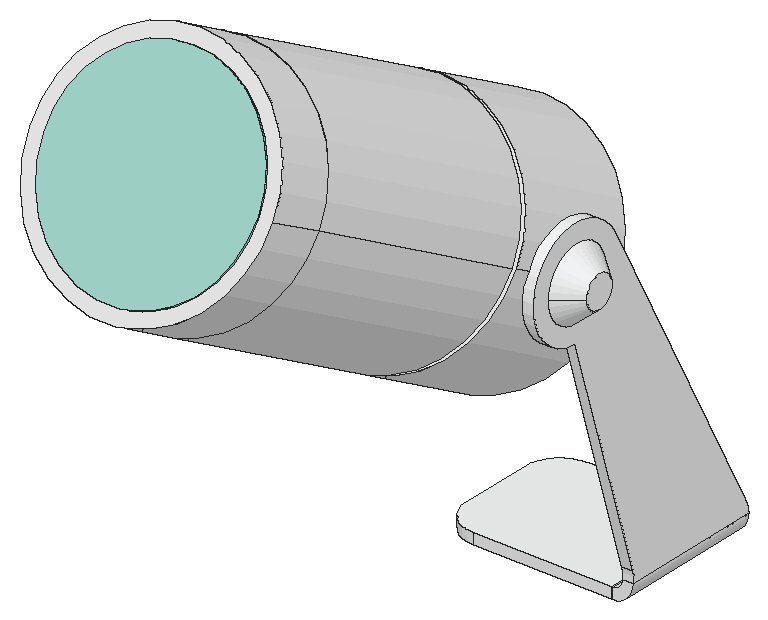
Revit family "Ginko 1.4", category Lighting Fixtures, Revit 2017
Family settings
  Round Connector Dimension = Use Diameter
  Part Type = Normal
  OmniClass Number = 23.80.70.00
  OmniClass Title = Lighting
  Work Plane-Based = Yes
  Always vertical = No
  Cut with Voids When Loaded = No
  Light Source = No
  Shared = No
  Room Calculation Point = No
Parameters (values of type "Ginko 1.4_R1 zoom 28° (3000K 3.5W 24Vdc)")
  X1 = 100 mm
  Wiring = "-"
  Width mm = 34 mm
  Weight kg = "0.19"
  Voltage = 24 V
  Vertical rotation max = 190.00°
  Vertical Rotation max_1 [instance] = 50.00°
  Vertical Rotation Adjusted [instance] = if(Vertical Rotation 2 < Vertical Rotation min, Vertical Rotation min, if(Vertical Rotation 2 > Vertical Rotation max_1, Vertical Rotation max_1, Vertical Rotation 2))  # -60.00°
  Vertical Rotation 2 [instance] = Vertical Rotation - 90.00°  # -60.00°
  Vertical Rotation min [instance] = -140.00°
  URL Accessories and power supply units = "https://www.lucelight.it/en/prodotto.php/106742#a-scheda-accessori"
  URL = "https://www.lucelight.it/en/prodotto.php/106742"
  Top = L&L_White
  URL Technical sheet = "https://www.lucelight.it/media/prodotti/st/ST_GINKO_14.pdf"
  URL Image = "https://www.lucelight.it/media/prodotti/foto/ginko_1.4_still.jpg"
  URL IES Photometric file = "https://www.lucelight.it/media/prodotti/fotometrie/ginko_1.4_ies.zip"
  URL General code = "https://www.lucelight.it/en/prodotto.php/106742#a-generacodice"
  URL Description = "https://www.lucelight.it/en/capitolato.php/106742"
  URL DXF = "https://www.lucelight.it/media/prodotti/dxf/ginko_1.4.dxf"
  URL Catalogue = "https://www.lucelight.it/media/prodotti/brochure/ginko_brochure_en.pdf"
  Power supply unit = "not included"
  Power supply = "24Vdc"
  Power cables = "includes 1,5 m neoprene cable, H05RN-F 2x0,75/0,75 Ø6,3 mm"
  Power = "3.5W"
  Optics = "28°"
  No. and type of led = "1 power LED, 1/4 ANSI BIN; 50000h L90 B10 (Ta 25°)"
  Model = "Ginko 1.4"
  Manufacturer = "L&L Luce&Light"
  Light Source = Light Source_1.4 : R1 zoom 28°
  Geometry = Ginko1.4_mod : Ginko_1.4
  Notes = "-"
  Mounting = "surface mounted (ceiling, wall, ground, spike)"
  Middle = L&L_White
  Material = "body in anticorodal aluminium, AISI 316L stainless steel bracket, screen in tempered, transparent extra-clear glass"
  Lumen output at source = "224 lm (3000K, CRI 80); 196 lm (3000K, CRI 90)"
  Description = "Outdoor projectors"
  Base = L&L_White
  Lens = L&L_Lens
  Length mm = 69 mm
  LED Colour = "3000K (also available: 2700K and 4000K - ref. URL Technical sheet)"
  IP = "66"
  Height mm = 114 mm
  H1 = 45 mm
  Vertical Rotation [instance] = 30.00°
  Features = "-"
  Energy efficiency class = "A A+ A++"
  Delivered lumen output = "42 lm (3000K, 28°, CRI 80); 37 lm (3000K, 28°, CRI 90)"
  Default Elevation = 1219.2 mm
  Cutout dimensions = "-"
  Control system = "-"
  Contact = "T: +39 0444 360571; E: lucelight@lucelight.it"
  Company = "L&L Luce&Light"
  Code = "GN1401 R1 E White; GN1401 R1 N Black anodized; GN1401 R1 F Grey; GN1401 R1 H Anthracite; GN1401 R1 T Cor-ten; GN1401 R1 5 Jasper green"
  CRI = "90 (also available: CRI 80 - ref. URL Technical sheet)"
  Base bracket = Ginko1.0_Base bracket : Ginko1.0_Base bracket
  Bracket = L&L_Stainless steel
  Apparent Load Phase 1 = 3.5 W
Types (2, lengths in mm): name | Optics | Light Source | LED Colour
  Ginko 1.4_R1 zoom 8° (3000K 3.5W 24Vdc) | "8°" | Light Source_1.4 : R1 zoom 8° | "3000K (also available: 2700K and 4000K - ref. URL Technical sheet)"
  Ginko 1.4_R1 zoom 28° (3000K 3.5W 24Vdc) | "28°" | Light Source_1.4 : R1 zoom 28° | "3000K (also available: 2700K and 4000K - ref. URL Technical sheet)"
Reference planes
  plane 1 "Light Source Axis (F/B)": y = 0
  plane 2: z = 0
  plane 3 "Light Source Axis (L/R)": x = 0
  plane 4 "Light Source Elevation": z = 45
  plane 5: y = 100
Lines and regions (mm)
  reference lines
    curve 1: line (0, 100, 45) -> (0, 151.962, 15)
Dimensions and locks
  "X1": plane 1 "Light Source Axis (F/B)" to plane 5
  "H1": level to plane 4 "Light Source Elevation"
  "Vertical Rotation Adjusted": angle plane 1 "Light Source Axis (F/B)" to curve 1
  aligned and locked: level to plane 2
  aligned and locked: plane 5 to curve 1
  aligned and locked: plane 4 "Light Source Elevation" to curve 1
Nested families
  nested 1: "Ginko1.0_Base bracket" at (0, 100, 0), type <- "Base bracket", type "Ginko1.0_Base bracket"
  nested 2: "Ginko1.4_mod" at (0, 108.66, 40) x (1, 0, 0) z (0, -0.866, 0.5), type <- "Geometry", type "Ginko_1.4"
  nested 3: "Light Source_1.4" at (-0.004, 48.352, 73.743) x (0, 0.5, 0.866) z (0, -0.866, 0.5), type <- "Light Source", type "R1 zoom 28°"
Connectors
  electrical at (0, 100, 0), driven by "Voltage", driven by "Apparent Load Phase 1"
    settings: index 1, voltage 24 V, apparent load 0 VA, apparent load phase1 3.5 VA, apparent load phase2 0 VA, apparent load phase3 0 VA, power factor 1, load classification "Lighting", number of poles 1, system type 31, power factor state 1, is connector primary yes, connector utility no, sub classification motor no, connector description ""
Definition of nested family "Ginko1.0_Base bracket"
  Parameters (values of type "Ginko1.0_Base bracket")
    Base Braket = none
  Reference planes
    plane 1 "Light Source Axis (F/B)": y = 0
    plane 2: z = 0
    plane 3 "Light Source Axis (L/R)": x = 0
    plane 4 "Light Source Elevation": z = 1500
  Forms (mm)
    Extrusion 1, solid, material <- "Base Braket", detail levels coarse
      sketch origin (18.45, -94.39, 0) x (0, 1, 0) y (0, 0, -1)
        loop
          line (111.755, 0) -> (86.295, -48.487) -> (98.945, -48.487) -> (124.405, 0) -> (111.755, 0)
      from 0 to 27.3
    Extrusion 2, solid, material <- "Base Braket", detail levels medium
      sketch origin (0.95, 93.088, 0) x (1, 0, 0) y (0, 1, 0)
        loop
          line (14.5, -83.088) -> (14.5, -63.088) -> (-4.75, -63.088)
          arc (-4.75, -63.088) -> (-8.286, -64.552) -> (-9.75, -68.088) r 5
          line (-9.75, -68.088) -> (-9.75, -78.088)
          arc (-9.75, -78.088) -> (-8.286, -81.623) -> (-4.75, -83.088) r 5
          line (-4.75, -83.088) -> (14.5, -83.088)
      from 0 to 1.5
    Extrusion 3, solid, material <- "Base Braket", detail levels fine
      sketch origin (18.45, 237.948, -311.65) x (0, -1, 0) y (0, 0, 1)
        loop
          line (207.933, 314.65) -> (227.934, 314.65)
          arc (227.934, 314.65) -> (227.966, 315.517) -> (228.146, 316.365) r 5
          line (228.146, 316.365) -> (238.171, 349.154)
          arc (238.171, 349.154) -> (244.619, 360.124) -> (231.937, 361.162) r 7.512
          arc (231.937, 361.162) -> (231.592, 360.663) -> (231.288, 360.137) r 7.5
          line (231.288, 360.137) -> (208.501, 316.742)
          arc (208.501, 316.742) -> (208.102, 315.727) -> (207.933, 314.65) r 5
      from 0 to 1.5
    Extrusion 4, solid, material <- "Base Braket", detail levels medium
      sketch origin (-54.832, 30, -122.348) x (1, 0, 0) y (0, 0, 1)
        loop
          line (73.282, 125.348) -> (71.782, 125.348)
          arc (71.782, 125.348) -> (71.343, 124.287) -> (70.282, 123.848) r 1.5
          line (70.282, 123.848) -> (70.282, 122.348)
          arc (70.282, 122.348) -> (72.403, 123.227) -> (73.282, 125.348) r 3
      from 0 to 20
    Extrusion 5, solid, material <- "Base Braket", detail levels fine
      sketch origin (0.95, 93.088, 0) x (1, 0, 0) y (0, 1, 0)
        loop
          line (14.5, -83.088) -> (14.5, -63.088) -> (-4.75, -63.088)
          arc (-4.75, -63.088) -> (-8.286, -64.552) -> (-9.75, -68.088) r 5
          line (-9.75, -68.088) -> (-9.75, -78.088)
          arc (-9.75, -78.088) -> (-8.286, -81.623) -> (-4.75, -83.088) r 5
          line (-4.75, -83.088) -> (14.5, -83.088)
      from 0 to 1.5
    Extrusion 6, solid, material <- "Base Braket", detail levels medium
      sketch origin (18.45, 237.948, -311.65) x (0, -1, 0) y (0, 0, 1)
        loop
          line (207.933, 314.65) -> (227.934, 314.65)
          arc (227.934, 314.65) -> (227.966, 315.517) -> (228.146, 316.365) r 5
          line (228.146, 316.365) -> (238.171, 349.154)
          arc (238.171, 349.154) -> (244.583, 360.107) -> (231.935, 361.159) r 7.5
          arc (231.935, 361.159) -> (231.591, 360.661) -> (231.288, 360.137) r 7.5
          line (231.288, 360.137) -> (208.501, 316.742)
          arc (208.501, 316.742) -> (208.102, 315.727) -> (207.933, 314.65) r 5
      from 0 to 1.5
    Extrusion 7, solid, material <- "Base Braket", detail levels fine
      sketch origin (-54.832, 30, -122.348) x (1, 0, 0) y (0, 0, 1)
        loop
          line (73.282, 125.348) -> (71.782, 125.348)
          arc (71.782, 125.348) -> (71.343, 124.287) -> (70.282, 123.848) r 1.5
          line (70.282, 123.848) -> (70.282, 122.348)
          arc (70.282, 122.348) -> (72.403, 123.227) -> (73.282, 125.348) r 3
      from 0 to 20
    Blend 8, solid, material <- "Base Braket", detail levels fine
      base sketch origin (21.65, -8.095, 0) x (0, 1, 0) y (0, 0, -1)
        loop
          circle (8.095, -45) r 2.25
      top sketch origin (21.65, -8.095, 0) x (0, 1, 0) y (0, 0, -1)
        loop
          circle (8.095, -45) r 5
      from 0 to 3.2
  Dimensions and locks
    aligned and locked: level to plane 2
Definition of nested family "Ginko1.4_mod"
  Parameters (values of type "Ginko_1.4")
    Upper Snoot = none
    Radius bottom = 15 mm
    Radius Ginko middle = 16 mm
    Radius Ginko inside = 15 mm
    Radius Ginko = 17 mm
    Middle ring 3.4 = no
    Middle ring 1.4 = yes
    Middle ring = no
    Middle Snoot = none
    Lower Snoot = none
    Lens = none
    Height middle ring = 1 mm
    Height lower ring = 20 mm
    Height Ginko up = 9.2 mm
    Height Ginko glass = 68 mm
    Height Ginko bottom = 20.6 mm
    Height Ginko = 69 mm
    Default Elevation = 1219.2 mm
  Reference planes
    plane 1 "Light Source Axis (F/B)": y = 0
    plane 2: z = 0
    plane 3 "Light Source Axis (L/R)": x = 0
    plane 4 "Light Source Elevation": z = 1500
    plane 5: z = 69
    plane 6: z = 68
    plane 7: z = 50.5
    plane 8: z = 59.8
    plane 9: z = 57.9
    plane 10: z = 20
    plane 11: z = 21
    plane 12: z = 10
  Forms (mm)
    Extrusion 1, solid, material <- "Lower Snoot", detail levels coarse
      sketch origin (0, 0, 0) x (1, 0, 0) y (0, 1, 0)
        loop
          circle (0, 0) r 17
      from 0 to 69
    Extrusion 2, solid, material <- "Lower Snoot", detail levels medium
      sketch origin (0, 0, 0) x (1, 0, 0) y (0, 1, 0)
        loop
          circle (0, 0) r 17
      from 0 to 69
    Extrusion 3, solid, material <- "Lens", detail levels medium
      sketch origin (0, 0, 57.2) x (1, 0, 0) y (0, 1, 0)
        loop
          circle (0, 0) r 15
      from 10.8 to 11.9
    Extrusion 4, solid, material <- "Lower Snoot", detail levels fine
      sketch origin (0, 0, -27.3) x (1, 0, 0) y (0, 1, 0)
        loop
          circle (0, 0) r 17
      from 27.3 to 47.3
    Extrusion 5, solid, material <- "Middle Snoot", detail levels fine
      sketch origin (0, 0, 0) x (1, 0, 0) y (0, 1, 0)
        loop
          circle (0, 0) r 16
      from 20 to 21
    Extrusion 6, solid, material <- "Upper Snoot", detail levels fine
      sketch origin (0, 0, 0.2) x (1, 0, 0) y (0, 1, 0)
        loop
          circle (0, 0) r 17
      from 59.6 to 68.8
    Extrusion 7, solid, material <- "Lens", detail levels fine
      sketch origin (0, 0, 57.2) x (1, 0, 0) y (0, 1, 0)
        loop
          circle (0, 0) r 15
      from 10.8 to 11.9
    Extrusion 8, solid, material <- "Middle Snoot", visible <- "Middle ring 1.4", detail levels fine
      sketch origin (0, 0, -9) x (1, 0, 0) y (0, 1, 0)
        loop
          circle (0, 0) r 17
      from 30 to 68.8
  Dimensions and locks
    plane 5 to plane 2 = 69 mm
    "Height Ginko": plane 5 to level
    "Height Ginko glass": plane 6 to plane 2
    level to plane 7 = 50.5 mm
    Extrusion 7 to Extrusion 6 = 1 mm
    locked: Extrusion 3 to Extrusion 2 at 1
    "Height lower ring": level to plane 10
    locked: plane 10 to plane 11 at 1
    plane 5 to plane 6 = 1 mm
    "Height Ginko up": plane 8 to plane 5
    equal spacing: plane 10, plane 12, plane 2
    "Radius Ginko": radius of Extrusion 1 sketch curve
    "Radius bottom": radius of Extrusion 3 sketch curve
    "Radius Ginko middle": radius of Extrusion 5 sketch curve
    "Radius Ginko inside": radius of Extrusion 7 sketch curve
    aligned and locked: level to plane 2
    aligned and locked: plane 5 to Extrusion 1
    aligned and locked: plane 5 to Extrusion 2
    aligned and locked: plane 5 to Extrusion 6
    aligned and locked: Extrusion 4 to Extrusion 5
    aligned and locked: plane 10 to Extrusion 4
    aligned and locked: Extrusion 5 to plane 10
    aligned and locked: Extrusion 5 to plane 11
    aligned and locked: Extrusion 7 to plane 6
    aligned and locked: plane 8 to Extrusion 6
  Automatic sketch dimensions
    plane 1 "Light Source Axis (F/B)" to Extrusion 2 sketch curve = 0 mm
    Extrusion 2 sketch curve to plane 3 "Light Source Axis (L/R)" = 0 mm
    plane 1 "Light Source Axis (F/B)" to Extrusion 6 sketch curve = 0 mm
    Extrusion 6 sketch curve to plane 3 "Light Source Axis (L/R)" = 0 mm
    plane 1 "Light Source Axis (F/B)" to Extrusion 8 sketch curve = 0 mm
    Extrusion 8 sketch curve to plane 3 "Light Source Axis (L/R)" = 0 mm
    plane 1 "Light Source Axis (F/B)" to Extrusion 4 sketch curve = 0 mm
    Extrusion 4 sketch curve to plane 3 "Light Source Axis (L/R)" = 0 mm
    plane 1 "Light Source Axis (F/B)" to Extrusion 1 sketch curve = 0 mm
    Extrusion 1 sketch curve to plane 3 "Light Source Axis (L/R)" = 0 mm
    plane 1 "Light Source Axis (F/B)" to Extrusion 3 sketch curve = 0 mm
    Extrusion 3 sketch curve to plane 3 "Light Source Axis (L/R)" = 0 mm
    plane 1 "Light Source Axis (F/B)" to Extrusion 5 sketch curve = 0 mm
    Extrusion 5 sketch curve to plane 3 "Light Source Axis (L/R)" = 0 mm
    plane 1 "Light Source Axis (F/B)" to Extrusion 7 sketch curve = 0 mm
    Extrusion 7 sketch curve to plane 3 "Light Source Axis (L/R)" = 0 mm
    radius of Extrusion 2 sketch curve = 17 mm
    radius of Extrusion 6 sketch curve = 17 mm
    radius of Extrusion 8 sketch curve = 17 mm
    radius of Extrusion 4 sketch curve = 17 mm
Definition of nested family "Light Source_1.4"
  Parameters (values of type "R1 zoom 28°")
    Wattage = 1.31949 W
    built-in parameter 1150110 = 1 (stored number, unit not read)
    built-in parameter 1114217 = 1 (stored number, unit not read)
    Tilt Angle = 90.00°
    built-in parameter 1150109 = 1 (stored number, unit not read)
    built-in parameter 1150134 = (empty or 0)
    built-in parameter 1150113 = 1 (stored number, unit not read)
    Photometric Web File = "GINKO 1.4 R1 zoom 28° [3000K 3.5W 24Vdc].IES"
    built-in parameter 1150142 = "IESNA:LM-63-2002\r\n[TEST] GINKO 14  30K80  ZM 28 3.5W - 20180219-0859.LDT\r\n[TESTLAB] L&L\r\n[TESTDATE] 19 Feb 2018\r\n[ISSUEDATE] 19 Feb 2018\r\n[MANUFAC] L&L\r\n[LUMCAT] GINKO 1.4 R1 zoom 28° [3000K 3.5W 24Vdc]\r\n[LUMINAIRE] GINKO 1.4 R1 zoom 28° [3000K 3.5W 24Vdc]\r\n[FLASHAREA] 0.000076\r\n[LAMPCAT] Power LED\r\n[LAMP] Power LED\r\nTILT=NONE\r\n1 42.00 1.0 181 1 1 2 -0.020 -0.020 0.000\r\n1.00 1.00 3.50\r\n0.00 1.00 2.00 3.00 4.00 5.00 6.00 7.00 8.00 9.00 10.00 \r\n11.00 12.00 13.00 14.00 15.00 16.00 17.00 18.00 19.00 \r\n20.00 21.00 22.00 23.00 24.00 25.00 26.00 27.00 28.00 \r\n29.00 30.00 31.00 32.00 33.00 34.00 35.00 36.00 37.00 \r\n38.00 39.00 40.00 41.00 42.00 43.00 44.00 45.00 46.00 \r\n47.00 48.00 49.00 50.00 51.00 52.00 53.00 54.00 55.00 \r\n56.00 57.00 58.00 59.00 60.00 61.00 62.00 63.00 64.00 \r\n65.00 66.00 67.00 68.00 69.00 70.00 71.00 72.00 73.00 \r\n74.00 75.00 76.00 77.00 78.00 79.00 80.00 81.00 82.00 \r\n83.00 84.00 85.00 86.00 87.00 88.00 89.00 90.00 91.00 \r\n92.00 93.00 94.00 95.00 96.00 97.00 98.00 99.00 100.00 \r\n101.00 102.00 103.00 104.00 105.00 106.00 107.00 108.00 \r\n109.00 110.00 111.00 112.00 113.00 114.00 115.00 116.00 \r\n117.00 118.00 119.00 120.00 121.00 122.00 123.00 124.00 \r\n125.00 126.00 127.00 128.00 129.00 130.00 131.00 132.00 \r\n133.00 134.00 135.00 136.00 137.00 138.00 139.00 140.00 \r\n141.00 142.00 143.00 144.00 145.00 146.00 147.00 148.00 \r\n149.00 150.00 151.00 152.00 153.00 154.00 155.00 156.00 \r\n157.00 158.00 159.00 160.00 161.00 162.00 163.00 164.00 \r\n165.00 166.00 167.00 168.00 169.00 170.00 171.00 172.00 \r\n173.00 174.00 175.00 176.00 177.00 178.00 179.00 180.00 \r\n0.00 \r\n213.86 213.35 211.59 208.67 203.94 196.57 187.39 178.56 \r\n171.75 167.10 163.91 161.02 153.99 135.76 106.16 72.44 \r\n42.64 23.67 16.01 13.42 11.94 10.54 9.21 7.96 6.84 5.87 \r\n5.07 4.41 3.86 3.39 2.97 2.59 2.25 1.99 1.77 1.58 1.41 \r\n1.26 1.12 1.00 0.87 0.73 0.60 0.50 0.41 0.35 0.31 0.27 \r\n0.25 0.23 0.21 0.20 0.19 0.18 0.17 0.16 0.15 0.15 0.14 \r\n0.13 0.13 0.12 0.11 0.11 0.10 0.10 0.09 0.08 0.08 0.07 \r\n0.07 0.06 0.06 0.05 0.05 0.04 0.04 0.03 0.03 0.02 0.02 \r\n0.02 0.01 0.01 0.01 0.00 0.00 0.00 0.00 0.00 0.00 0.00 \r\n0.00 0.00 0.00 0.00 0.00 0.00 0.00 0.00 0.00 0.00 0.00 \r\n0.00 0.00 0.00 0.00 0.00 0.00 0.00 0.00 0.00 0.00 0.00 \r\n0.00 0.00 0.00 0.00 0.00 0.00 0.00 0.00 0.00 0.00 0.00 \r\n0.00 0.00 0.00 0.00 0.00 0.00 0.00 0.00 0.00 0.00 0.00 \r\n0.00 0.00 0.00 0.00 0.00 0.00 0.00 0.00 0.00 0.00 0.00 \r\n0.00 0.00 0.00 0.00 0.00 0.00 0.00 0.00 0.00 0.00 0.00 \r\n0.00 0.00 0.00 0.00 0.00 0.00 0.00 0.00 0.00 0.00 0.00 \r\n0.00 0.00 0.00 0.00 0.00 0.00 0.00 0.00 0.00 0.00 0.00 \r\n0.00 \r\n"
    Lumens = 196 lm
    built-in parameter 1150115 = 1 (stored number, unit not read)
    built-in parameter 1150105 = 15.597 (stored number, unit not read)
    built-in parameter 1150137 = (empty or 0)
    built-in parameter 1150139 = (empty or 0)
    built-in parameter 1150112 = 1 (stored number, unit not read)
    built-in parameter 1150114 = 1 (stored number, unit not read)
    built-in parameter 1150132 = 2
    built-in parameter 1150102 = (empty or 0)
    built-in parameter 1150138 = (empty or 0)
    built-in parameter 1150107 = 3000 (stored number, unit not read)
    built-in parameter 1150106 = 0.15597 (stored number, unit not read)
    built-in parameter 1150104 = 13.8 (stored number, unit not read)
    Dimming Lamp Color Temperature Shift = (empty or 0)
    Default Elevation = 1219.2 mm
    Color Filter = 16777215
    built-in parameter 1114218 = 1 (stored number, unit not read)
    built-in parameter 1150133 = 10 (stored number, unit not read)
  Types (2, lengths in mm): name | Photometric Web File | built-in parameter 1150142
    R1 zoom 8° | "GINKO 1.4 R1 zoom 8° [3000K 3.5W 24Vdc].IES" | "IESNA:LM-63-2002\r\n[TEST] GINKO 14  30K80  ZM 8 3.5W - 20180216-1646.LDT\r\n[TESTLAB] L&L\r\n[TESTDATE] 16 Feb 2018\r\n[ISSUEDATE] 16 Feb 2018\r\n[MANUFAC] L&L\r\n[LUMCAT] GINKO 1.4 R1 zoom 8° [3000K 3.5W 24Vdc]\r\n[LUMINAIRE] GINKO 1.4 R1 zoom 8° [3000K 3.5W 24Vdc]\r\n[FLASHAREA] 0.000076\r\n[LAMPCAT] Power LED\r\n[LAMP] Power LED\r\nTILT=NONE\r\n1 23.00 1.0 181 1 1 2 -0.020 -0.020 0.000\r\n1.00 1.00 3.50\r\n0.00 1.00 2.00 3.00 4.00 5.00 6.00 7.00 8.00 9.00 10.00 \r\n11.00 12.00 13.00 14.00 15.00 16.00 17.00 18.00 19.00 \r\n20.00 21.00 22.00 23.00 24.00 25.00 26.00 27.00 28.00 \r\n29.00 30.00 31.00 32.00 33.00 34.00 35.00 36.00 37.00 \r\n38.00 39.00 40.00 41.00 42.00 43.00 44.00 45.00 46.00 \r\n47.00 48.00 49.00 50.00 51.00 52.00 53.00 54.00 55.00 \r\n56.00 57.00 58.00 59.00 60.00 61.00 62.00 63.00 64.00 \r\n65.00 66.00 67.00 68.00 69.00 70.00 71.00 72.00 73.00 \r\n74.00 75.00 76.00 77.00 78.00 79.00 80.00 81.00 82.00 \r\n83.00 84.00 85.00 86.00 87.00 88.00 89.00 90.00 91.00 \r\n92.00 93.00 94.00 95.00 96.00 97.00 98.00 99.00 100.00 \r\n101.00 102.00 103.00 104.00 105.00 106.00 107.00 108.00 \r\n109.00 110.00 111.00 112.00 113.00 114.00 115.00 116.00 \r\n117.00 118.00 119.00 120.00 121.00 122.00 123.00 124.00 \r\n125.00 126.00 127.00 128.00 129.00 130.00 131.00 132.00 \r\n133.00 134.00 135.00 136.00 137.00 138.00 139.00 140.00 \r\n141.00 142.00 143.00 144.00 145.00 146.00 147.00 148.00 \r\n149.00 150.00 151.00 152.00 153.00 154.00 155.00 156.00 \r\n157.00 158.00 159.00 160.00 161.00 162.00 163.00 164.00 \r\n165.00 166.00 167.00 168.00 169.00 170.00 171.00 172.00 \r\n173.00 174.00 175.00 176.00 177.00 178.00 179.00 180.00 \r\n0.00 \r\n1137.08 1077.68 922.28 715.86 501.42 314.87 175.40 89.46 \r\n44.72 23.04 12.68 7.54 4.88 3.46 2.66 2.17 1.84 1.60 1.42 \r\n1.27 1.15 1.05 0.96 0.89 0.82 0.76 0.70 0.64 0.58 0.53 \r\n0.48 0.43 0.40 0.37 0.34 0.31 0.29 0.26 0.24 0.22 0.20 \r\n0.18 0.16 0.14 0.12 0.10 0.09 0.07 0.06 0.05 0.05 0.04 \r\n0.04 0.04 0.03 0.03 0.03 0.03 0.02 0.02 0.02 0.02 0.02 \r\n0.02 0.01 0.01 0.01 0.01 0.01 0.01 0.01 0.01 0.01 0.01 \r\n0.01 0.01 0.00 0.00 0.00 0.00 0.00 0.00 0.00 0.00 0.00 \r\n0.00 0.00 0.00 0.00 0.00 0.00 0.00 0.00 0.00 0.00 0.00 \r\n0.00 0.00 0.00 0.00 0.00 0.00 0.00 0.00 0.00 0.00 0.00 \r\n0.00 0.00 0.00 0.00 0.00 0.00 0.00 0.00 0.00 0.00 0.00 \r\n0.00 0.00 0.00 0.00 0.00 0.00 0.00 0.00 0.00 0.00 0.00 \r\n0.00 0.00 0.00 0.00 0.00 0.00 0.00 0.00 0.00 0.00 0.00 \r\n0.00 0.00 0.00 0.00 0.00 0.00 0.00 0.00 0.00 0.00 0.00 \r\n0.00 0.00 0.00 0.00 0.00 0.00 0.00 0.00 0.00 0.00 0.00 \r\n0.00 0.00 0.00 0.00 0.00 0.00 0.00 0.00 0.00 0.00 0.00 \r\n0.00 0.00 0.00 0.00 0.00 0.00 0.00 0.00 \r\n"
    R1 zoom 28° | "GINKO 1.4 R1 zoom 28° [3000K 3.5W 24Vdc].IES" | "IESNA:LM-63-2002\r\n[TEST] GINKO 14  30K80  ZM 28 3.5W - 20180219-0859.LDT\r\n[TESTLAB] L&L\r\n[TESTDATE] 19 Feb 2018\r\n[ISSUEDATE] 19 Feb 2018\r\n[MANUFAC] L&L\r\n[LUMCAT] GINKO 1.4 R1 zoom 28° [3000K 3.5W 24Vdc]\r\n[LUMINAIRE] GINKO 1.4 R1 zoom 28° [3000K 3.5W 24Vdc]\r\n[FLASHAREA] 0.000076\r\n[LAMPCAT] Power LED\r\n[LAMP] Power LED\r\nTILT=NONE\r\n1 42.00 1.0 181 1 1 2 -0.020 -0.020 0.000\r\n1.00 1.00 3.50\r\n0.00 1.00 2.00 3.00 4.00 5.00 6.00 7.00 8.00 9.00 10.00 \r\n11.00 12.00 13.00 14.00 15.00 16.00 17.00 18.00 19.00 \r\n20.00 21.00 22.00 23.00 24.00 25.00 26.00 27.00 28.00 \r\n29.00 30.00 31.00 32.00 33.00 34.00 35.00 36.00 37.00 \r\n38.00 39.00 40.00 41.00 42.00 43.00 44.00 45.00 46.00 \r\n47.00 48.00 49.00 50.00 51.00 52.00 53.00 54.00 55.00 \r\n56.00 57.00 58.00 59.00 60.00 61.00 62.00 63.00 64.00 \r\n65.00 66.00 67.00 68.00 69.00 70.00 71.00 72.00 73.00 \r\n74.00 75.00 76.00 77.00 78.00 79.00 80.00 81.00 82.00 \r\n83.00 84.00 85.00 86.00 87.00 88.00 89.00 90.00 91.00 \r\n92.00 93.00 94.00 95.00 96.00 97.00 98.00 99.00 100.00 \r\n101.00 102.00 103.00 104.00 105.00 106.00 107.00 108.00 \r\n109.00 110.00 111.00 112.00 113.00 114.00 115.00 116.00 \r\n117.00 118.00 119.00 120.00 121.00 122.00 123.00 124.00 \r\n125.00 126.00 127.00 128.00 129.00 130.00 131.00 132.00 \r\n133.00 134.00 135.00 136.00 137.00 138.00 139.00 140.00 \r\n141.00 142.00 143.00 144.00 145.00 146.00 147.00 148.00 \r\n149.00 150.00 151.00 152.00 153.00 154.00 155.00 156.00 \r\n157.00 158.00 159.00 160.00 161.00 162.00 163.00 164.00 \r\n165.00 166.00 167.00 168.00 169.00 170.00 171.00 172.00 \r\n173.00 174.00 175.00 176.00 177.00 178.00 179.00 180.00 \r\n0.00 \r\n213.86 213.35 211.59 208.67 203.94 196.57 187.39 178.56 \r\n171.75 167.10 163.91 161.02 153.99 135.76 106.16 72.44 \r\n42.64 23.67 16.01 13.42 11.94 10.54 9.21 7.96 6.84 5.87 \r\n5.07 4.41 3.86 3.39 2.97 2.59 2.25 1.99 1.77 1.58 1.41 \r\n1.26 1.12 1.00 0.87 0.73 0.60 0.50 0.41 0.35 0.31 0.27 \r\n0.25 0.23 0.21 0.20 0.19 0.18 0.17 0.16 0.15 0.15 0.14 \r\n0.13 0.13 0.12 0.11 0.11 0.10 0.10 0.09 0.08 0.08 0.07 \r\n0.07 0.06 0.06 0.05 0.05 0.04 0.04 0.03 0.03 0.02 0.02 \r\n0.02 0.01 0.01 0.01 0.00 0.00 0.00 0.00 0.00 0.00 0.00 \r\n0.00 0.00 0.00 0.00 0.00 0.00 0.00 0.00 0.00 0.00 0.00 \r\n0.00 0.00 0.00 0.00 0.00 0.00 0.00 0.00 0.00 0.00 0.00 \r\n0.00 0.00 0.00 0.00 0.00 0.00 0.00 0.00 0.00 0.00 0.00 \r\n0.00 0.00 0.00 0.00 0.00 0.00 0.00 0.00 0.00 0.00 0.00 \r\n0.00 0.00 0.00 0.00 0.00 0.00 0.00 0.00 0.00 0.00 0.00 \r\n0.00 0.00 0.00 0.00 0.00 0.00 0.00 0.00 0.00 0.00 0.00 \r\n0.00 0.00 0.00 0.00 0.00 0.00 0.00 0.00 0.00 0.00 0.00 \r\n0.00 0.00 0.00 0.00 0.00 0.00 0.00 0.00 0.00 0.00 0.00 \r\n0.00 \r\n"
  Reference planes
    plane 1 "Light Source Axis (F/B)": y = 0
    plane 2: z = 0
    plane 3 "Light Source Axis (L/R)": x = 0
    plane 4 "Light Source Elevation": z = 0
  Dimensions and locks
    aligned and locked: plane 3 "Light Source Axis (L/R)" to imposter light
    aligned and locked: plane 1 "Light Source Axis (F/B)" to imposter light
    aligned and locked: plane 4 "Light Source Elevation" to imposter light
    aligned and locked: level to plane 2
